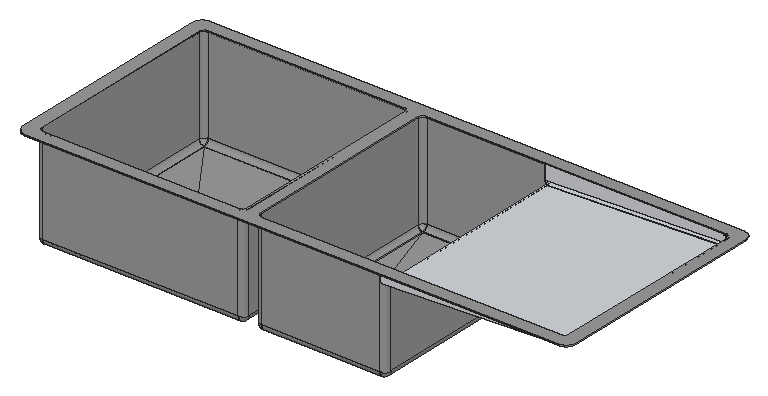
Revit family "BUILDMAT-SNA01018-Logan-1075-Drainboard-Stainless-Steel", category Plumbing Fixtures, host Face, Revit 2020
Family settings
  Host = Face
  Round Connector Dimension = Use Diameter
  Part Type = Normal
  Cut with Voids When Loaded = No
  Shared = No
  Room Calculation Point = No
Parameters (values of type "Logan 1075x450x205mm")
  Width 2 = 250.0 mm
  Width 1 = 400.0 mm
  Undermount [instance] = 20.0 mm
  URL = "https://www.buildmat.com.au/products/logan-1075x450-single-qtr-bowl-with-drain-board-sink"
  Sound Pad 2 = yes
  Sound Pad 1 = yes
  Model = "SNA01018"  # constant formula
  Manufacturer URL = "https://www.buildmat.com.au/"
  Manufacturer = "BUILDMAT"  # constant formula
  Length = 400.0 mm
  Gap = 25.0 mm
  Drainboard Length = 350.0 mm
  Drain Sound Pad 2 = yes
  Drain Sound Pad 1 = yes
  Description = "BUILDMAT - Logan 1075x450 Single & 1/4 Bowl with Drain Board Sink"  # constant formula
  Depth = 205.0 mm
  Default Elevation = 1200.0 mm
  D. S. Pad 2 = 180.0 mm
  D. S. Pad 1 = 230.0 mm
  D. Bracket 4 = 50.0 mm
  D. Bracket 3 = 100.0 mm
  D. Bracket 2 = 50.0 mm
  D. Bracket 1 = 100.0 mm
  Created By URL = "https://www.buildmat.com.au/"
  Created By = "BUILDMAT"  # constant formula
  Created = "22.06.2022"  # constant formula
  Bracket 4 = yes
  Bracket 3 = no
  Bracket 2 = yes
  Bracket 1 = yes
  Material = BUILDMAT Stainless Steel
Reference planes
  plane 1 "Center (Front/Back)": y = 0
  plane 2: z = 0
  plane 3 "Center (Left/Right)": x = 0
  plane 4: x = -12.5
  plane 5: x = 12.5
  plane 6: x = -412.5
  plane 7: x = 262.5
  plane 8: y = -200
  plane 9: y = 200
  plane 10: x = -437.5
  plane 11: y = -225
  plane 12: y = 225
  plane 13: x = 137.5
  plane 14: x = -212.5
  plane 15: y = 190
  plane 16: y = -190
  plane 17: x = -402.5
  plane 18: x = -22.5
  plane 19: x = 22.5
  plane 20: x = 252.5
  plane 21: y = 201.5
  plane 22: y = -201.5
  plane 23: x = -414
  plane 24: x = -11
  plane 25: x = 11
  plane 26: x = 264
  plane 27: x = -269.5
  plane 28: x = -155.5
  plane 29: x = -167.5
  plane 30: x = -257.5
  plane 31: x = 80.5
  plane 32: x = 92.5
  plane 33: x = 182.5
  plane 34: x = 194.5
  plane 35 "Sound Pad 1": x = -182.5
  plane 36 "Sound Pad 2": x = 82.5
  plane 37 "Top Substrate": z = -20
  plane 38: z = -18.5
  plane 39 "Bottom Void": z = -225
  plane 40: z = -215
  plane 41: z = -205
  plane 42: z = -220
  plane 43: z = -221.481
  plane 44: z = -216.5
  plane 45 "Sound Pad": z = -125
  plane 46 "Bracket 1": x = -312.5
  plane 47 "Bracket 2": x = -62.5
  plane 48 "Bracket 3": x = 112.5
  plane 49 "Bracket 4": x = 212.5
  plane 50: y = 100
  plane 51: y = -100
  plane 52: x = -312.5
  plane 53: x = -112.5
  plane 54: x = 37.5
  plane 55: x = 237.5
  plane 56: z = -185
  plane 57: z = -165
  plane 58 "Drainboard": x = 612.5
  plane 59: x = 637.5
  plane 60: x = 614
  plane 61: x = 602.5
  plane 62: z = -35
  plane 63: z = -50
  plane 64: x = 512.5
Forms (mm)
  Extrusion 1, void
    sketch origin (0, 0, 0) x (1, 0, 0) y (0, 1, 0)
      loop
        arc (-402.5, 200) -> (-409.571, 197.071) -> (-412.5, 190) r 10
        line (-412.5, 190) -> (-412.5, -190)
        arc (-412.5, -190) -> (-409.571, -197.071) -> (-402.5, -200) r 10
        line (-402.5, -200) -> (602.5, -200)
        arc (602.5, -200) -> (609.571, -197.071) -> (612.5, -190) r 10
        line (612.5, -190) -> (612.5, 190)
        arc (612.5, 190) -> (609.571, 197.071) -> (602.5, 200) r 10
        line (602.5, 200) -> (-402.5, 200)
    from 0 to -18.5
  Extrusion 2, void
    sketch origin (0, 0, 0) x (1, 0, 0) y (0, 1, 0)
      loop
        arc (-417.5, 225) -> (-431.642, 219.142) -> (-437.5, 205) r 20
        line (-437.5, 205) -> (-437.5, -205)
        arc (-437.5, -205) -> (-431.642, -219.142) -> (-417.5, -225) r 20
        line (-417.5, -225) -> (617.5, -225)
        arc (617.5, -225) -> (631.642, -219.142) -> (637.5, -205) r 20
        line (637.5, -205) -> (637.5, 205)
        arc (637.5, 205) -> (631.642, 219.142) -> (617.5, 225) r 20
        line (617.5, 225) -> (-417.5, 225)
    from -20 to -18.5
  Extrusion 3, void
    sketch origin (0, 0, 0) x (1, 0, 0) y (0, 1, 0)
      loop
        line (-414, 201.5) -> (-414, -201.5) -> (614, -201.5) -> (614, 201.5) -> (-414, 201.5)
    from -225 to -20
  Extrusion 4, solid, material "BUILDMAT Stainless Steel" <- "Material"
    sketch origin (0, 0, -20) x (-1, 0, 0) y (0, -1, 0)
      loop
        arc (417.5, -225) -> (431.642, -219.142) -> (437.5, -205) r 20
        line (437.5, -205) -> (437.5, 205)
        arc (437.5, 205) -> (431.642, 219.142) -> (417.5, 225) r 20
        line (417.5, 225) -> (-617.5, 225)
        arc (-617.5, 225) -> (-631.642, 219.142) -> (-637.5, 205) r 20
        line (-637.5, 205) -> (-637.5, -205)
        arc (-637.5, -205) -> (-631.642, -219.142) -> (-617.5, -225) r 20
        line (-617.5, -225) -> (417.5, -225)
      loop
        arc (402.5, -200) -> (409.571, -197.071) -> (412.5, -190) r 10
        line (412.5, -190) -> (412.5, 190)
        arc (412.5, 190) -> (409.571, 197.071) -> (402.5, 200) r 10
        line (402.5, 200) -> (22.5, 200)
        arc (22.5, 200) -> (15.429, 197.071) -> (12.5, 190) r 10
        line (12.5, 190) -> (12.5, -190)
        arc (12.5, -190) -> (15.429, -197.071) -> (22.5, -200) r 10
        line (22.5, -200) -> (402.5, -200)
      loop
        line (-12.5, -190) -> (-12.5, 190)
        arc (-12.5, 190) -> (-15.429, 197.071) -> (-22.5, 200) r 10
        line (-22.5, 200) -> (-602.5, 200)
        arc (-602.5, 200) -> (-609.571, 197.071) -> (-612.5, 190) r 10
        line (-612.5, 190) -> (-612.5, -190)
        arc (-612.5, -190) -> (-609.571, -197.071) -> (-602.5, -200) r 10
        line (-602.5, -200) -> (-22.5, -200)
        arc (-22.5, -200) -> (-15.429, -197.071) -> (-12.5, -190) r 10
    from 0 to 1.5
  Extrusion 5, solid, material "BUILDMAT Stainless Steel" <- "Material"
    sketch origin (0, 0, -20) x (-1, 0, 0) y (0, -1, 0)
      loop
        arc (402.5, -200) -> (409.571, -197.071) -> (412.5, -190) r 10
        line (412.5, -190) -> (412.5, 190)
        arc (412.5, 190) -> (409.571, 197.071) -> (402.5, 200) r 10
        line (402.5, 200) -> (22.5, 200)
        arc (22.5, 200) -> (15.429, 197.071) -> (12.5, 190) r 10
        line (12.5, 190) -> (12.5, -190)
        arc (12.5, -190) -> (15.429, -197.071) -> (22.5, -200) r 10
        line (22.5, -200) -> (402.5, -200)
      loop
        arc (402.5, -201.5) -> (410.632, -198.132) -> (414, -190) r 11.5
        line (414, -190) -> (414, 190)
        arc (414, 190) -> (410.632, 198.132) -> (402.5, 201.5) r 11.5
        line (402.5, 201.5) -> (22.5, 201.5)
        arc (22.5, 201.5) -> (14.368, 198.132) -> (11, 190) r 11.5
        line (11, 190) -> (11, -190)
        arc (11, -190) -> (14.368, -198.132) -> (22.5, -201.5) r 11.5
        line (22.5, -201.5) -> (402.5, -201.5)
    from 0 to -185
  Extrusion 6, solid, material "BUILDMAT Stainless Steel" <- "Material"
    sketch origin (0, 0, -20) x (-1, 0, 0) y (0, -1, 0)
      loop
        arc (-22.5, -200) -> (-15.429, -197.071) -> (-12.5, -190) r 10
        line (-12.5, -190) -> (-12.5, 190)
        arc (-12.5, 190) -> (-15.429, 197.071) -> (-22.5, 200) r 10
        line (-22.5, 200) -> (-252.5, 200)
        arc (-252.5, 200) -> (-259.571, 197.071) -> (-262.5, 190) r 10
        line (-262.5, 190) -> (-262.5, -190)
        arc (-262.5, -190) -> (-259.571, -197.071) -> (-252.5, -200) r 10
        line (-252.5, -200) -> (-22.5, -200)
      loop
        line (-11, -190) -> (-11, 190)
        arc (-11, 190) -> (-14.368, 198.132) -> (-22.5, 201.5) r 11.5
        line (-22.5, 201.5) -> (-252.5, 201.5)
        arc (-252.5, 201.5) -> (-260.632, 198.132) -> (-264, 190) r 11.5
        line (-264, 190) -> (-264, -190)
        arc (-264, -190) -> (-260.632, -198.132) -> (-252.5, -201.5) r 11.5
        line (-252.5, -201.5) -> (-22.5, -201.5)
        arc (-22.5, -201.5) -> (-14.368, -198.132) -> (-11, -190) r 11.5
    from 0 to -185
  Extrusion 7, solid, material "BUILDMAT Stainless Steel" <- "Material"
    sketch origin (0, 0, 0) x (1, 0, 0) y (0, 0, 1)
      loop
        line (-412.5, -205) -> (-414, -205)
        arc (-414, -205) -> (-410.632, -213.132) -> (-402.5, -216.5) r 11.5
        line (-402.5, -216.5) -> (-402.5, -215)
        arc (-402.5, -215) -> (-409.571, -212.071) -> (-412.5, -205) r 10
    from -190 to 190
  Extrusion 8, solid, material "BUILDMAT Stainless Steel" <- "Material"
    sketch origin (0, 0, 0) x (1, 0, 0) y (0, 0, 1)
      loop
        arc (-12.5, -205) -> (-15.429, -212.071) -> (-22.5, -215) r 10
        line (-22.5, -215) -> (-22.5, -216.5)
        arc (-22.5, -216.5) -> (-14.368, -213.132) -> (-11, -205) r 11.5
        line (-11, -205) -> (-12.5, -205)
    from -190 to 190
  Extrusion 9, solid, material "BUILDMAT Stainless Steel" <- "Material"
    sketch origin (0, 0, 0) x (1, 0, 0) y (0, 0, 1)
      loop
        line (12.5, -205) -> (11, -205)
        arc (11, -205) -> (14.368, -213.132) -> (22.5, -216.5) r 11.5
        line (22.5, -216.5) -> (22.5, -215)
        arc (22.5, -215) -> (15.429, -212.071) -> (12.5, -205) r 10
    from -190 to 190
  Extrusion 10, solid, material "BUILDMAT Stainless Steel" <- "Material"
    sketch origin (0, 0, 0) x (1, 0, 0) y (0, 0, 1)
      loop
        arc (262.5, -205) -> (259.571, -212.071) -> (252.5, -215) r 10
        line (252.5, -215) -> (252.5, -216.5)
        arc (252.5, -216.5) -> (260.632, -213.132) -> (264, -205) r 11.5
        line (264, -205) -> (262.5, -205)
    from -190 to 190
  Extrusion 11, solid, material "BUILDMAT Stainless Steel" <- "Material"
    sketch origin (0, 0, 0) x (0, 1, 0) y (0, 0, 1)
      loop
        line (201.5, -205) -> (200, -205)
        arc (200, -205) -> (197.071, -212.071) -> (190, -215) r 10
        line (190, -215) -> (190, -216.5)
        arc (190, -216.5) -> (198.132, -213.132) -> (201.5, -205) r 11.5
    from 22.5 to 252.5
  Extrusion 12, solid, material "BUILDMAT Stainless Steel" <- "Material"
    sketch origin (0, 0, 0) x (0, 1, 0) y (0, 0, 1)
      loop
        line (-200, -205) -> (-201.5, -205)
        arc (-201.5, -205) -> (-198.132, -213.132) -> (-190, -216.5) r 11.5
        line (-190, -216.5) -> (-190, -215)
        arc (-190, -215) -> (-197.071, -212.071) -> (-200, -205) r 10
    from 22.5 to 252.5
  Extrusion 13, solid, material "BUILDMAT Stainless Steel" <- "Material"
    sketch origin (0, 0, 0) x (0, 1, 0) y (0, 0, 1)
      loop
        arc (200, -205) -> (197.071, -212.071) -> (190, -215) r 10
        line (190, -215) -> (190, -216.5)
        arc (190, -216.5) -> (198.132, -213.132) -> (201.5, -205) r 11.5
        line (201.5, -205) -> (200, -205)
    from -402.5 to -22.5
  Extrusion 14, solid, material "BUILDMAT Stainless Steel" <- "Material"
    sketch origin (0, 0, 0) x (0, 1, 0) y (0, 0, 1)
      loop
        line (-200, -205) -> (-201.5, -205)
        arc (-201.5, -205) -> (-198.132, -213.132) -> (-190, -216.5) r 11.5
        line (-190, -216.5) -> (-190, -215)
        arc (-190, -215) -> (-197.071, -212.071) -> (-200, -205) r 10
    from -402.5 to -22.5
  Revolve 15, solid, material "BUILDMAT Stainless Steel" <- "Material"
    sketch origin (-423.435, 190, 4000) x (-1, 0, 0) y (0, 0, 1)
      loop
        arc (-10.935, -4205) -> (-13.864, -4212.071) -> (-20.935, -4215) r 10
        line (-20.935, -4215) -> (-20.935, -4216.5)
        arc (-20.935, -4216.5) -> (-12.804, -4213.132) -> (-9.435, -4205) r 11.5
        line (-9.435, -4205) -> (-10.935, -4205)
      axis (-20.935, -4205) -> (-20.935, -4216.5)
    angle from -90 to 0
  Revolve 16, solid, material "BUILDMAT Stainless Steel" <- "Material"
    sketch origin (-423.435, 190, 4000) x (-1, 0, 0) y (0, 0, 1)
      loop
        line (-410.935, -4205) -> (-412.435, -4205)
        arc (-412.435, -4205) -> (-409.067, -4213.132) -> (-400.935, -4216.5) r 11.5
        line (-400.935, -4216.5) -> (-400.935, -4215)
        arc (-400.935, -4215) -> (-408.006, -4212.071) -> (-410.935, -4205) r 10
      axis (-400.935, -4205) -> (-400.935, -4216.5)
    angle from -90 to 0
  Revolve 17, solid, material "BUILDMAT Stainless Steel" <- "Material"
    sketch origin (-423.435, 190, 4000) x (-1, 0, 0) y (0, 0, 1)
      loop
        arc (-435.935, -4205) -> (-438.864, -4212.071) -> (-445.935, -4215) r 10
        line (-445.935, -4215) -> (-445.935, -4216.5)
        arc (-445.935, -4216.5) -> (-437.804, -4213.132) -> (-434.435, -4205) r 11.5
        line (-434.435, -4205) -> (-435.935, -4205)
      axis (-445.935, -4205) -> (-445.935, -4216.5)
    angle from -90 to 0
  Revolve 18, solid, material "BUILDMAT Stainless Steel" <- "Material"
    sketch origin (-423.435, 190, 4000) x (-1, 0, 0) y (0, 0, 1)
      loop
        line (-685.935, -4205) -> (-687.435, -4205)
        arc (-687.435, -4205) -> (-684.067, -4213.132) -> (-675.935, -4216.5) r 11.5
        line (-675.935, -4216.5) -> (-675.935, -4215)
        arc (-675.935, -4215) -> (-683.006, -4212.071) -> (-685.935, -4205) r 10
      axis (-675.935, -4205) -> (-675.935, -4216.5)
    angle from -90 to 0
  Revolve 19, solid, material "BUILDMAT Stainless Steel" <- "Material"
    sketch origin (-423.435, -190, 4000) x (-1, 0, 0) y (0, 0, 1)
      loop
        arc (-10.935, -4205) -> (-13.864, -4212.071) -> (-20.935, -4215) r 10
        line (-20.935, -4215) -> (-20.935, -4216.5)
        arc (-20.935, -4216.5) -> (-12.804, -4213.132) -> (-9.435, -4205) r 11.5
        line (-9.435, -4205) -> (-10.935, -4205)
      axis (-20.935, -4205) -> (-20.935, -4216.5)
    angle from 0 to 90
  Revolve 20, solid, material "BUILDMAT Stainless Steel" <- "Material"
    sketch origin (-423.435, -190, 4000) x (-1, 0, 0) y (0, 0, 1)
      loop
        arc (-412.435, -4205) -> (-409.067, -4213.132) -> (-400.935, -4216.5) r 11.5
        line (-400.935, -4216.5) -> (-400.935, -4215)
        arc (-400.935, -4215) -> (-408.006, -4212.071) -> (-410.935, -4205) r 10
        line (-410.935, -4205) -> (-412.435, -4205)
      axis (-400.935, -4205) -> (-400.935, -4216.5)
    angle from 0 to 90
  Revolve 21, solid, material "BUILDMAT Stainless Steel" <- "Material"
    sketch origin (-423.435, -190, 4000) x (-1, 0, 0) y (0, 0, 1)
      loop
        line (-434.435, -4205) -> (-435.935, -4205)
        arc (-435.935, -4205) -> (-438.864, -4212.071) -> (-445.935, -4215) r 10
        line (-445.935, -4215) -> (-445.935, -4216.5)
        arc (-445.935, -4216.5) -> (-437.804, -4213.132) -> (-434.435, -4205) r 11.5
      axis (-445.935, -4205) -> (-445.935, -4216.5)
    angle from 0 to 90
  Revolve 22, solid, material "BUILDMAT Stainless Steel" <- "Material"
    sketch origin (-423.435, -190, 4000) x (-1, 0, 0) y (0, 0, 1)
      loop
        arc (-687.435, -4205) -> (-684.067, -4213.132) -> (-675.935, -4216.5) r 11.5
        line (-675.935, -4216.5) -> (-675.935, -4215)
        arc (-675.935, -4215) -> (-683.006, -4212.071) -> (-685.935, -4205) r 10
        line (-685.935, -4205) -> (-687.435, -4205)
      axis (-675.935, -4205) -> (-675.935, -4216.5)
    angle from 0 to 90
  Extrusion 23, solid, material "BUILDMAT Stainless Steel" <- "Material"
    sketch origin (0, 0, -20) x (-1, 0, 0) y (0, -1, 0)
      loop
        line (22.5, -190) -> (402.5, -190) -> (402.5, 190) -> (22.5, 190) -> (22.5, -190)
    from -196.5 to -195
  Extrusion 24, solid, material "BUILDMAT Stainless Steel" <- "Material"
    sketch origin (0, 0, -20) x (-1, 0, 0) y (0, -1, 0)
      loop
        line (-22.5, -190) -> (-22.5, 190) -> (-252.5, 190) -> (-252.5, -190) -> (-22.5, -190)
    from -196.5 to -195
  Blend 25, solid, material "BUILDMAT Stainless Steel" <- "Material"
    base sketch origin (0, 0, -20) x (-1, 0, 0) y (0, -1, 0)
      loop
        circle (212.5, 0) r 57
    top sketch origin (0, 0, -20) x (-1, 0, 0) y (0, -1, 0)
      loop
        line (402.5, -190) -> (402.5, 190) -> (22.5, 190) -> (22.5, -190) -> (402.5, -190)
    from -201.481 to -196.5
  Blend 26, solid, material "BUILDMAT Stainless Steel" <- "Material"
    base sketch origin (0, 0, -20) x (-1, 0, 0) y (0, -1, 0)
      loop
        circle (-137.5, 0) r 57
    top sketch origin (0, 0, -20) x (-1, 0, 0) y (0, -1, 0)
      loop
        line (-22.5, -190) -> (-22.5, 190) -> (-252.5, 190) -> (-252.5, -190) -> (-22.5, -190)
    from -201.481 to -196.5
  Blend 27, void
    base sketch origin (0, 0, -20) x (-1, 0, 0) y (0, -1, 0)
      loop
        circle (212.5, 0) r 57
    top sketch origin (0, 0, -20) x (-1, 0, 0) y (0, -1, 0)
      loop
        line (402.5, -190) -> (402.5, 190) -> (22.5, 190) -> (22.5, -190) -> (402.5, -190)
    from -200 to -195
  Blend 28, void
    base sketch origin (0, 0, -20) x (-1, 0, 0) y (0, -1, 0)
      loop
        circle (-137.5, 0) r 57
    top sketch origin (0, 0, -20) x (-1, 0, 0) y (0, -1, 0)
      loop
        line (-22.5, -190) -> (-22.5, 190) -> (-252.5, 190) -> (-252.5, -190) -> (-22.5, -190)
    from -200 to -195
  Extrusion 29, void
    sketch origin (0, 0, -225) x (-1, 0, 0) y (0, -1, 0)
      loop
        circle (212.5, 0) r 57
    from 0 to 5
  Extrusion 30, void
    sketch origin (0, 0, -225) x (-1, 0, 0) y (0, -1, 0)
      loop
        circle (-137.5, 0) r 57
    from 0 to 5
  Revolve 31, solid, material "BUILDMAT Stainless Steel" <- "Material"
    sketch origin (0, 0, 0) x (1, 0, 0) y (0, 0, 1)
      loop
        spline (-269.5, -220) -> (-269.397, -220.653) -> (-269.091, -221.294) -> (-268.587, -221.913) -> (-267.892, -222.5) -> (-267.02, -223.044) -> (-265.985, -223.536) -> (-264.805, -223.967) -> (-263.5, -224.33) -> (-262.092, -224.619) -> (-260.606, -224.83) -> (-259.066, -224.957) -> (-257.5, -225)
        line (-257.5, -225) -> (-257.5, -223.5)
        spline (-257.5, -223.5) -> (-258.871, -223.47) -> (-260.218, -223.381) -> (-261.518, -223.234) -> (-262.75, -223.031) -> (-263.892, -222.777) -> (-264.925, -222.475) -> (-265.83, -222.131) -> (-266.593, -221.75) -> (-267.201, -221.339) -> (-267.642, -220.906) -> (-267.91, -220.457) -> (-268, -220)
        line (-268, -220) -> (-269.5, -220)
      axis (-212.5, -225) -> (-212.5, -220)
    angle from 0 to 360
  Revolve 32, solid, material "BUILDMAT Stainless Steel" <- "Material"
    sketch origin (0, 0, 0) x (1, 0, 0) y (0, 0, 1)
      loop
        line (194.5, -220) -> (193, -220)
        spline (193, -220) -> (192.91, -220.457) -> (192.642, -220.906) -> (192.201, -221.339) -> (191.593, -221.75) -> (190.83, -222.131) -> (189.925, -222.475) -> (188.892, -222.777) -> (187.75, -223.031) -> (186.518, -223.234) -> (185.218, -223.381) -> (183.871, -223.47) -> (182.5, -223.5)
        line (182.5, -223.5) -> (182.5, -225)
        spline (182.5, -225) -> (184.066, -224.957) -> (185.606, -224.83) -> (187.092, -224.619) -> (188.5, -224.33) -> (189.805, -223.967) -> (190.985, -223.536) -> (192.02, -223.044) -> (192.892, -222.5) -> (193.587, -221.913) -> (194.091, -221.294) -> (194.397, -220.653) -> (194.5, -220)
      axis (137.5, -220) -> (137.5, -225)
    angle from 0 to 360
  Extrusion 33, solid
    sketch origin (0, 0, 0) x (1, 0, 0) y (0, 0, 1)
      loop
        line (252.5, -50) -> (614, -35) -> (614, -20) -> (612.5, -20) -> (612.5, -33.561) -> (252.5, -48.499) -> (252.5, -50)
    from -190 to 190
  Revolve 34, solid
    sketch origin (-423.435, 190, 4000) x (-1, 0, 0) y (0, 0, 1)
      loop
        line (-1037.435, -4035) -> (-1025.935, -4035.477) -> (-1025.935, -4033.976) -> (-1035.935, -4033.561) -> (-1035.935, -4020) -> (-1037.435, -4020) -> (-1037.435, -4035)
      axis (-1025.935, -4035.477) -> (-1025.935, -4020)
    angle from -90 to 0
  Revolve 35, solid
    sketch origin (-423.435, -190, 4000) x (-1, 0, 0) y (0, 0, 1)
      loop
        line (-1037.435, -4035) -> (-1025.935, -4035.477) -> (-1025.935, -4033.976) -> (-1035.935, -4033.561) -> (-1035.935, -4020) -> (-1037.435, -4020) -> (-1037.435, -4035)
      axis (-1025.935, -4035.477) -> (-1025.935, -4020)
    angle from 0 to 90
  SweptBlend 36, solid
    path origin (0, 0, -20) x (-1, 0, 0) y (0, -1, 0)
      loop
        line (-252.5, -200) -> (-602.5, -200)
    profile origin (252.5, 200, -20) x (0, 1, 0) y (0, 0, 1)
      loop
        line (0, -28.084) -> (-10, -28.499) -> (-10, -30) -> (1.5, -29.523) -> (1.5, 0) -> (0, 0) -> (0, -28.084)
    end profile origin (602.5, 200, -20) x (0, 1, 0) y (0, 0, 1)
      loop
        line (0, -13.561) -> (-10, -13.976) -> (-10, -15.477) -> (1.5, -15) -> (1.5, 0) -> (0, 0) -> (0, -13.561)
  Extrusion 37, void
    sketch origin (0, 0, -20) x (-1, 0, 0) y (0, -1, 0)
      loop
        arc (-262.5, -190) -> (-259.571, -197.071) -> (-252.5, -200) r 10
        line (-252.5, -200) -> (-252.5, 200)
        arc (-252.5, 200) -> (-259.571, 197.071) -> (-262.5, 190) r 10
        line (-262.5, 190) -> (-262.5, -190)
    from -30 to 0
  SweptBlend 38, solid
    path origin (0, 0, -20) x (-1, 0, 0) y (0, -1, 0)
      loop
        line (-252.5, 190) -> (-602.5, 190)
    profile origin (252.5, -190, -20) x (0, 1, 0) y (0, 0, 1)
      loop
        line (-11.5, -29.523) -> (0, -30) -> (0, -28.499) -> (-10, -28.084) -> (-10, 0) -> (-11.5, 0) -> (-11.5, -29.523)
    end profile origin (602.5, -190, -20) x (0, 1, 0) y (0, 0, 1)
      loop
        line (0, -15.477) -> (0, -13.976) -> (-10, -13.561) -> (-10, 0) -> (-11.5, 0) -> (-11.5, -15) -> (0, -15.477)
  SweptBlend 39, void
    path origin (0, 0, -20) x (-1, 0, 0) y (0, -1, 0)
      loop
        line (-252.5, 0) -> (-602.5, 0)
    profile origin (252.5, 0, -20) x (0, 1, 0) y (0, 0, 1)
      loop
        line (-190, -30) -> (190, -30) -> (201.5, -29.523) -> (201.5, 0) -> (-201.5, 0) -> (-201.5, -29.523) -> (-190, -30)
    end profile origin (602.5, 0, -20) x (0, 1, 0) y (0, 0, 1)
      loop
        line (201.5, 0) -> (-201.5, 0) -> (-201.5, -15) -> (201.5, -15) -> (201.5, 0)
Cuts and joins
  Blend 27, Extrusion 29 cuts Extrusion 23
  Blend 27, Extrusion 29 cuts Blend 25
  joined: Extrusion 23, Blend 25
  Blend 28, Extrusion 30 cuts Extrusion 24
  Blend 28, Extrusion 30 cuts Blend 26
  joined: Extrusion 24, Blend 26
  Extrusion 37 cuts Extrusion 33
  Extrusion 37 cuts SweptBlend 36
  Extrusion 37 cuts SweptBlend 38
  SweptBlend 39 cuts Extrusion 4
  SweptBlend 39 cuts Extrusion 6
  SweptBlend 39 cuts Revolve 34
  SweptBlend 39 cuts Revolve 35
Lines and regions (mm)
  Masking region 1
    outline origin (0, 0, 0) x (1, 0, 0) y (0, 0, 1)
      loop
        line (-412.5, -20) -> (-412.5, -205)
        arc (-412.5, -205) -> (-409.571, -212.071) -> (-402.5, -215) r 10
        line (-402.5, -215) -> (-269.5, -220) -> (-155.5, -220) -> (-22.5, -215)
        arc (-22.5, -215) -> (-15.429, -212.071) -> (-12.5, -205) r 10
        line (-12.5, -205) -> (-12.5, -20) -> (-412.5, -20)
  Masking region 2
    outline origin (0, 0, 0) x (1, 0, 0) y (0, 0, 1)
      loop
        line (12.5, -20) -> (12.5, -205)
        arc (12.5, -205) -> (14.848, -211.438) -> (20.789, -214.852) r 10
        line (20.789, -214.852) -> (80.5, -220) -> (194.5, -220) -> (252.5, -215)
        arc (252.5, -215) -> (259.571, -212.071) -> (262.5, -205) r 10
        line (262.5, -205) -> (262.5, -20) -> (12.5, -20)
  Masking region 3, visible <- "Drain Sound Pad 1"
    outline origin (0, 0, 0) x (1, 0, 0) y (0, 0, 1)
      loop
        line (-269.5, -221.481) -> (-312.5, -219.871) -> (-312.5, -225) -> (-269.5, -225) -> (-269.5, -221.481)
  Masking region 4, visible <- "Drain Sound Pad 1"
    outline origin (0, 0, 0) x (1, 0, 0) y (0, 0, 1)
      loop
        line (-155.5, -221.481) -> (-155.5, -225) -> (-112.5, -225) -> (-112.5, -219.871) -> (-155.5, -221.481)
  Masking region 5, visible <- "Drain Sound Pad 2"
    outline origin (0, 0, 0) x (1, 0, 0) y (0, 0, 1)
      loop
        line (37.5, -217.788) -> (37.5, -225) -> (80.5, -225) -> (80.5, -221.481) -> (37.5, -217.788)
  Masking region 6, visible <- "Drain Sound Pad 2"
    outline origin (0, 0, 0) x (1, 0, 0) y (0, 0, 1)
      loop
        line (237.5, -217.788) -> (194.5, -221.481) -> (194.5, -225) -> (237.5, -225) -> (237.5, -217.788)
  Masking region 7
    outline origin (0, 0, 0) x (1, 0, 0) y (0, 0, 1)
      loop
        line (-11, -165) -> (-11, -185) -> (11, -185) -> (11, -165) -> (-11, -165)
  Masking region 8
    outline origin (-423.435, -190, 4000) x (-1, 0, 0) y (0, 0, 1)
      loop
        line (-1048.435, -4020) -> (-1049.935, -4020) -> (-1049.935, -4035) -> (-1048.435, -4035) -> (-1048.435, -4020)
  Masking region 9
    outline origin (-423.435, -190, 4000) x (-1, 0, 0) y (0, 0, 1)
      loop
        line (-687.435, -4097.929) -> (-687.435, -4055.503) -> (-693.674, -4049.264) -> (-737.937, -4047.427) -> (-687.435, -4097.929)
  Masking region 10
    outline origin (0, 0, -20) x (-1, 0, 0) y (0, -1, 0)
      loop
        arc (-252.5, -200) -> (-259.571, -197.071) -> (-262.5, -190) r 10
        line (-262.5, -190) -> (-262.5, 190)
        arc (-262.5, 190) -> (-259.571, 197.071) -> (-252.5, 200) r 10
        line (-252.5, 200) -> (-602.5, 200)
        arc (-602.5, 200) -> (-609.571, 197.071) -> (-612.5, 190) r 10
        line (-612.5, 190) -> (-612.5, -190)
        arc (-612.5, -190) -> (-609.571, -197.071) -> (-602.5, -200) r 10
        line (-602.5, -200) -> (-252.5, -200)
Text (mm)
  text "Refer to www.buildmat.com.au for the most current product literature. \nAllow a +/- 5mm tolerance for dimensions shown in the product literature. \nPlease note product details are subject to change due to ongoing product development." at (0.056, -1035.857, 0), in view "Ref. Level"
Dimensions and locks
  equal spacing: plane 4, plane 3 "Center (Left/Right)", plane 5
  "Gap": plane 4 to plane 5
  "Width 1": plane 6 to plane 4
  "Width 2": plane 5 to plane 7
  equal spacing: plane 9, plane 1 "Center (Front/Back)", plane 8
  "Length": plane 8 to plane 9
  locked: plane 10 to plane 6 at 25
  locked: plane 12 to plane 9 at 25
  locked: plane 8 to plane 11 at 25
  equal spacing: plane 5, plane 13, plane 7
  equal spacing: plane 6, plane 14, plane 4
  locked: plane 9 to plane 15 at 10
  locked: plane 16 to plane 8 at 10
  locked: plane 6 to plane 17 at 10
  locked: plane 18 to plane 4 at 10
  locked: plane 5 to plane 19 at 10
  locked: plane 20 to plane 7 at 10
  locked: plane 8 to plane 22 at 1.5
  locked: plane 21 to plane 9 at 1.5
  locked: plane 23 to plane 6 at 1.5
  locked: plane 4 to plane 24 at 1.5
  locked: plane 25 to plane 5 at 1.5
  locked: plane 7 to plane 26 at 1.5
  plane 27 to plane 14 to plane 28 = 57.0 mm locked, 57.0 mm locked
  plane 30 to plane 14 to plane 29 = 45.0 mm locked, 45.0 mm locked
  plane 31 to plane 13 to plane 34 = 57.0 mm locked, 57.0 mm locked
  plane 32 to plane 13 to plane 33 = 45.0 mm locked, 45.0 mm locked
  locked: plane 38 to plane 37 "Top Substrate" at 1.5
  plane 41 to plane 40 to plane 39 "Bottom Void" = 10.0 mm locked, 10.0 mm locked
  locked: plane 42 to plane 39 "Bottom Void" at 5
  locked: plane 42 to plane 43 at 1.481
  locked: plane 40 to plane 44 at 1.5
  locked: plane 45 "Sound Pad" to plane 39 "Bottom Void" at 100
  "Depth": plane 37 "Top Substrate" to plane 39 "Bottom Void"
  "Undermount": plane 2 to plane 37 "Top Substrate"
  "D. S. Pad 1": plane 35 "Sound Pad 1" to plane 6
  "D. S. Pad 2": plane 7 to plane 36 "Sound Pad 2"
  "D. Bracket 1": plane 46 "Bracket 1" to plane 6
  "D. Bracket 2": plane 4 to plane 47 "Bracket 2"
  "D. Bracket 3": plane 48 "Bracket 3" to plane 5
  "D. Bracket 4": plane 7 to plane 49 "Bracket 4"
  locked: plane 9 to plane 50 at 100
  locked: plane 51 to plane 8 at 100
  plane 53 to plane 14 to plane 52 = 100.0 mm locked, 100.0 mm locked
  plane 55 to plane 13 to plane 54 = 100.0 mm locked, 100.0 mm locked
  plane 57 to plane 56 to plane 41 = 20.0 mm locked, 20.0 mm locked
  "Drainboard Length": plane 7 to plane 58 "Drainboard"
  locked: plane 58 "Drainboard" to plane 59 at 25
  locked: plane 58 "Drainboard" to plane 60 at 1.5
  locked: plane 61 to plane 58 "Drainboard" at 10
  plane 37 "Top Substrate" to plane 62 to plane 63 = 15.0 mm locked, 15.0 mm locked
  locked: plane 64 to plane 58 "Drainboard" at 100
  aligned and locked: plane 2 to host face
  aligned and locked: level to host face
  aligned and locked: Extrusion 1 sketch curve to plane 9
  aligned and locked: Extrusion 1 sketch curve to plane 6
  aligned and locked: Extrusion 1 sketch curve to plane 8
  aligned and locked: Extrusion 1 to level
  aligned and locked: Extrusion 1 to plane 38
  aligned and locked: Extrusion 2 sketch curve to plane 12
  aligned and locked: Extrusion 2 sketch curve to plane 10
  aligned and locked: Extrusion 2 sketch curve to plane 11
  aligned and locked: Extrusion 2 to plane 37 "Top Substrate"
  aligned and locked: Extrusion 2 to plane 38
  aligned and locked: Extrusion 3 sketch curve to plane 21
  aligned and locked: Extrusion 3 sketch curve to plane 23
  aligned and locked: Extrusion 3 sketch curve to plane 22
  aligned and locked: Extrusion 3 to plane 39 "Bottom Void"
  aligned and locked: Extrusion 3 to plane 37 "Top Substrate"
  aligned and locked: Extrusion 4 sketch curve to plane 12
  aligned and locked: Extrusion 4 sketch curve to plane 10
  aligned and locked: Extrusion 4 sketch curve to plane 11
  aligned and locked: Extrusion 4 sketch curve to plane 9  (x2)
  aligned and locked: Extrusion 4 sketch curve to plane 6
  aligned and locked: Extrusion 4 sketch curve to plane 8  (x2)
  aligned and locked: Extrusion 4 sketch curve to plane 4
  aligned and locked: Extrusion 4 sketch curve to plane 5
  aligned and locked: Extrusion 4 to plane 37 "Top Substrate"
  aligned and locked: Extrusion 4 to plane 38
  aligned and locked: Extrusion 5 sketch curve to plane 9
  aligned and locked: Extrusion 5 sketch curve to plane 21
  aligned and locked: Extrusion 5 sketch curve to plane 6
  aligned and locked: Extrusion 5 sketch curve to plane 23
  aligned and locked: Extrusion 5 sketch curve to plane 24
  aligned and locked: Extrusion 5 sketch curve to plane 4
  aligned and locked: Extrusion 5 sketch curve to plane 22
  aligned and locked: Extrusion 5 sketch curve to plane 8
  aligned and locked: Extrusion 5 to plane 41
  aligned and locked: plane 37 "Top Substrate" to Extrusion 5
  aligned and locked: Extrusion 6 sketch curve to plane 9
  aligned and locked: Extrusion 6 sketch curve to plane 7
  aligned and locked: Extrusion 6 sketch curve to plane 8
  aligned and locked: Extrusion 6 sketch curve to plane 5
  aligned and locked: Extrusion 6 sketch curve to plane 25
  aligned and locked: Extrusion 6 sketch curve to plane 26
  aligned and locked: Extrusion 6 sketch curve to plane 21
  aligned and locked: Extrusion 6 sketch curve to plane 22
  aligned and locked: Extrusion 6 to plane 41
  aligned and locked: plane 37 "Top Substrate" to Extrusion 6
  aligned and locked: Extrusion 7 sketch curve to plane 41
  aligned and locked: Extrusion 7 sketch curve to plane 17
  aligned and locked: Extrusion 8 sketch curve to plane 41
  aligned and locked: Extrusion 8 sketch curve to plane 18
  aligned and locked: Extrusion 9 sketch curve to plane 41
  aligned and locked: Extrusion 9 sketch curve to plane 19
  aligned and locked: Extrusion 10 sketch curve to plane 20
  aligned and locked: Extrusion 10 sketch curve to plane 41
  aligned and locked: plane 15 to Extrusion 10
  aligned and locked: plane 15 to Extrusion 9
  aligned and locked: plane 15 to Extrusion 8
  aligned and locked: plane 15 to Extrusion 7
  aligned and locked: Extrusion 10 to plane 16
  aligned and locked: Extrusion 9 to plane 16
  aligned and locked: Extrusion 8 to plane 16
  aligned and locked: Extrusion 7 to plane 16
  aligned and locked: plane 41 to Extrusion 11 sketch curve
  aligned and locked: plane 15 to Extrusion 11 sketch curve
  aligned and locked: plane 16 to Extrusion 12 sketch curve
  aligned and locked: plane 41 to Extrusion 12 sketch curve
  aligned and locked: plane 20 to Extrusion 11
  aligned and locked: plane 20 to Extrusion 12
  aligned and locked: Extrusion 11 to plane 19
  aligned and locked: Extrusion 12 to plane 19
  aligned and locked: plane 15 to Extrusion 13 sketch curve
  aligned and locked: plane 41 to Extrusion 13 sketch curve
  aligned and locked: plane 16 to Extrusion 14 sketch curve
  aligned and locked: plane 41 to Extrusion 14 sketch curve
  aligned and locked: Extrusion 14 to plane 17
  aligned and locked: plane 18 to Extrusion 14
  aligned and locked: Extrusion 13 to plane 17
  aligned and locked: plane 18 to Extrusion 13
  aligned and locked: Revolve 15 sketch curve to plane 17
  aligned and locked: plane 41 to Revolve 15 sketch curve
  aligned and locked: plane 17 to Revolve 15 sketch curve
  aligned and locked: plane 17 to Revolve 15
  aligned and locked: plane 15 to Revolve 15
  aligned and locked: Revolve 16 sketch curve to plane 18
  aligned and locked: plane 18 to Revolve 16 sketch curve
  aligned and locked: plane 41 to Revolve 16 sketch curve
  aligned and locked: Revolve 16 to plane 18
  aligned and locked: plane 15 to Revolve 16
  aligned and locked: Revolve 17 sketch curve to plane 19
  aligned and locked: plane 41 to Revolve 17 sketch curve
  aligned and locked: plane 19 to Revolve 17 sketch curve
  aligned and locked: plane 19 to Revolve 17
  aligned and locked: plane 15 to Revolve 17
  aligned and locked: Revolve 18 sketch curve to plane 20
  aligned and locked: plane 20 to Revolve 18 sketch curve
  aligned and locked: plane 41 to Revolve 18 sketch curve
  aligned and locked: Revolve 18 to plane 20
  aligned and locked: plane 15 to Revolve 18
  aligned and locked: Revolve 19 sketch curve to plane 17
  aligned and locked: plane 41 to Revolve 19 sketch curve
  aligned and locked: plane 17 to Revolve 19 sketch curve
  aligned and locked: Revolve 19 to plane 17
  aligned and locked: plane 16 to Revolve 19
  aligned and locked: Revolve 20 sketch curve to plane 18
  aligned and locked: plane 41 to Revolve 20 sketch curve
  aligned and locked: plane 18 to Revolve 20 sketch curve
  aligned and locked: plane 18 to Revolve 20
  aligned and locked: plane 16 to Revolve 20
  aligned and locked: Revolve 21 sketch curve to plane 19
  aligned and locked: plane 41 to Revolve 21 sketch curve
  aligned and locked: plane 19 to Revolve 21 sketch curve
  aligned and locked: Revolve 21 to plane 19
  aligned and locked: plane 16 to Revolve 21
  aligned and locked: Revolve 22 sketch curve to plane 20
  aligned and locked: plane 41 to Revolve 22 sketch curve
  aligned and locked: plane 20 to Revolve 22 sketch curve
  aligned and locked: plane 16 to Revolve 22
  aligned and locked: plane 20 to Revolve 22
  aligned and locked: Extrusion 23 sketch curve to plane 18
  aligned and locked: Extrusion 23 sketch curve to plane 17
  aligned and locked: Extrusion 23 sketch curve to plane 15
  aligned and locked: Extrusion 23 sketch curve to plane 16
  aligned and locked: Extrusion 23 to plane 44
  aligned and locked: plane 40 to Extrusion 23
  aligned and locked: Extrusion 24 sketch curve to plane 15
  aligned and locked: Extrusion 24 sketch curve to plane 16
  aligned and locked: Extrusion 24 sketch curve to plane 20
  aligned and locked: Extrusion 24 sketch curve to plane 19
  aligned and locked: Extrusion 24 to plane 44
  aligned and locked: plane 40 to Extrusion 24
  aligned and locked: plane 43 to Blend 25
  aligned and locked: plane 44 to Blend 25
  aligned and locked: plane 43 to Blend 26
  aligned and locked: Blend 26 to plane 44
  aligned and locked: Blend 25 sketch curve to plane 15
  aligned and locked: Blend 25 sketch curve to plane 16
  aligned and locked: Blend 25 sketch curve to plane 17
  aligned and locked: Blend 25 sketch curve to plane 18
  aligned and locked: Blend 26 sketch curve to plane 15
  aligned and locked: Blend 26 sketch curve to plane 16
  aligned and locked: Blend 26 sketch curve to plane 20
  aligned and locked: Blend 26 sketch curve to plane 19
  aligned and locked: Blend 27 sketch curve to plane 15
  aligned and locked: Blend 27 sketch curve to plane 16
  aligned and locked: Blend 27 sketch curve to plane 17
  aligned and locked: Blend 27 sketch curve to plane 18
  aligned and locked: Blend 27 to plane 42
  aligned and locked: plane 40 to Blend 27
  aligned and locked: Blend 28 sketch curve to plane 15
  aligned and locked: Blend 28 sketch curve to plane 16
  aligned and locked: Blend 28 sketch curve to plane 20
  aligned and locked: Blend 28 sketch curve to plane 19
  aligned and locked: Blend 28 to plane 42
  aligned and locked: plane 40 to Blend 28
  aligned and locked: Extrusion 29 to plane 39 "Bottom Void"
  aligned and locked: plane 42 to Extrusion 29
  aligned and locked: Extrusion 30 to plane 39 "Bottom Void"
  aligned and locked: plane 42 to Extrusion 30
  aligned and locked: plane 14 to Revolve 31 sketch curve
  aligned and locked: Revolve 31 sketch curve to plane 42
  aligned and locked: plane 30 to Revolve 31 sketch curve
  aligned and locked: Revolve 32 sketch curve to plane 13
  aligned and locked: plane 33 to Revolve 32 sketch curve
  aligned and locked: plane 42 to Revolve 32 sketch curve
  aligned and locked: plane 17 to nested 1
  aligned and locked: plane 18 to nested 1
  aligned and locked: plane 16 to nested 1
  aligned and locked: plane 15 to nested 1
  aligned and locked: plane 19 to nested 2
  aligned and locked: plane 20 to nested 2
  aligned and locked: plane 16 to nested 2
  aligned and locked: plane 13 to nested 4
  aligned and locked: plane 14 to nested 3
  aligned and locked: plane 1 "Center (Front/Back)" to nested 3
  aligned and locked: plane 1 "Center (Front/Back)" to nested 4
  aligned and locked: plane 50 to nested 5
  aligned and locked: plane 23 to nested 5
  aligned and locked: plane 51 to nested 6
  aligned and locked: plane 23 to nested 6
  aligned and locked: nested 11 to plane 46 "Bracket 1"
  aligned and locked: nested 12 to plane 47 "Bracket 2"
  aligned and locked: plane 22 to nested 11
  aligned and locked: plane 22 to nested 12
  aligned and locked: nested 13 to plane 48 "Bracket 3"
  aligned and locked: plane 22 to nested 13
  aligned and locked: nested 14 to plane 49 "Bracket 4"
  aligned and locked: plane 22 to nested 14
  aligned and locked: plane 46 "Bracket 1" to nested 7
  aligned and locked: nested 7 to plane 21
  aligned and locked: plane 47 "Bracket 2" to nested 8
  aligned and locked: nested 8 to plane 21
  aligned and locked: plane 48 "Bracket 3" to nested 9
  aligned and locked: plane 49 "Bracket 4" to nested 10
  aligned and locked: nested 10 to plane 21
  aligned and locked: nested 9 to plane 21
  aligned and locked: Masking region 1 sketch curve to plane 37 "Top Substrate"
  aligned and locked: Masking region 1 sketch curve to plane 6
  aligned and locked: Masking region 1 sketch curve to plane 4
  aligned and locked: Masking region 1 sketch curve to Extrusion 7
  aligned and locked: Masking region 1 sketch curve to Extrusion 8
  aligned and locked: Masking region 1 sketch curve to plane 42
  aligned and locked: Masking region 1 sketch curve to cut or joined group of Extrusion 23, Blend 25, Blend 27, Extrusion 29  (x2)
  aligned and locked: Masking region 2 sketch curve to plane 37 "Top Substrate"
  aligned and locked: Masking region 2 sketch curve to plane 42
  aligned and locked: Masking region 2 sketch curve to plane 7
  aligned and locked: Masking region 2 sketch curve to plane 5
  aligned and locked: Masking region 2 sketch curve to Extrusion 9
  aligned and locked: Masking region 2 sketch curve to cut or joined group of Extrusion 24, Blend 26, Blend 28, Extrusion 30  (x2)
  aligned and locked: Masking region 2 sketch curve to Extrusion 10
  aligned and locked: nested 15 to plane 37 "Top Substrate"
  aligned and locked: plane 46 "Bracket 1" to nested 15
  aligned and locked: nested 16 to plane 37 "Top Substrate"
  aligned and locked: plane 47 "Bracket 2" to nested 16
  aligned and locked: nested 18 to plane 37 "Top Substrate"
  aligned and locked: plane 49 "Bracket 4" to nested 18
  aligned and locked: nested 17 to plane 37 "Top Substrate"
  aligned and locked: plane 48 "Bracket 3" to nested 17
  aligned and locked: nested 19 to plane 45 "Sound Pad"
  aligned and locked: plane 35 "Sound Pad 1" to nested 19
  aligned and locked: nested 20 to plane 45 "Sound Pad"
  aligned and locked: plane 36 "Sound Pad 2" to nested 20
  aligned and locked: Masking region 3 sketch curve to plane 27
  aligned and locked: cut or joined group of Extrusion 23, Blend 25, Blend 27, Extrusion 29 to Masking region 3 sketch curve
  aligned and locked: Masking region 3 sketch curve to plane 39 "Bottom Void"
  aligned and locked: Masking region 3 sketch curve to plane 52
  aligned and locked: Masking region 4 sketch curve to plane 28
  aligned and locked: Masking region 4 sketch curve to plane 53
  aligned and locked: Masking region 4 sketch curve to plane 39 "Bottom Void"
  aligned and locked: Masking region 4 sketch curve to cut or joined group of Extrusion 23, Blend 25, Blend 27, Extrusion 29
  aligned and locked: cut or joined group of Extrusion 24, Blend 26, Blend 28, Extrusion 30 to Masking region 5 sketch curve
  aligned and locked: Masking region 5 sketch curve to plane 54
  aligned and locked: Masking region 5 sketch curve to plane 31
  aligned and locked: Masking region 5 sketch curve to plane 39 "Bottom Void"
  aligned and locked: Masking region 6 sketch curve to plane 55
  aligned and locked: Masking region 6 sketch curve to plane 34
  aligned and locked: Masking region 6 sketch curve to cut or joined group of Extrusion 24, Blend 26, Blend 28, Extrusion 30
  aligned and locked: Masking region 6 sketch curve to plane 39 "Bottom Void"
  aligned and locked: Masking region 7 sketch curve to plane 57
  aligned and locked: Masking region 7 sketch curve to plane 56
  aligned and locked: Masking region 7 sketch curve to plane 24
  aligned and locked: Masking region 7 sketch curve to plane 25
  aligned and locked: Extrusion 4 sketch curve to plane 59
  aligned and locked: Extrusion 4 sketch curve to plane 58 "Drainboard"
  aligned and locked: Extrusion 2 sketch curve to plane 59
  aligned and locked: Extrusion 3 sketch curve to plane 60
  aligned and locked: Extrusion 1 sketch curve to plane 58 "Drainboard"
  aligned and locked: Extrusion 33 sketch curve to plane 20
  aligned and locked: Extrusion 33 sketch curve to plane 60
  aligned and locked: plane 37 "Top Substrate" to Extrusion 33 sketch curve
  aligned and locked: Extrusion 33 sketch curve to plane 58 "Drainboard"
  aligned and locked: plane 15 to Extrusion 33
  aligned and locked: Extrusion 33 to plane 16
  aligned and locked: plane 61 to Revolve 34 sketch curve  (x2)
  aligned and locked: plane 60 to Revolve 34 sketch curve
  aligned and locked: plane 58 "Drainboard" to Revolve 34 sketch curve
  aligned and locked: Revolve 34 sketch curve to Extrusion 33
  aligned and locked: Extrusion 33 to Revolve 34 sketch curve
  aligned and locked: plane 37 "Top Substrate" to Revolve 34 sketch curve
  aligned and locked: Revolve 34 to plane 61
  aligned and locked: plane 15 to Revolve 34
  aligned and locked: Revolve 35 sketch curve to plane 37 "Top Substrate"
  aligned and locked: plane 61 to Revolve 35 sketch curve  (x2)
  aligned and locked: plane 60 to Revolve 35 sketch curve
  aligned and locked: plane 58 "Drainboard" to Revolve 35 sketch curve
  aligned and locked: plane 37 "Top Substrate" to Revolve 35 sketch curve
  aligned and locked: Extrusion 33 to Revolve 35 sketch curve
  aligned and locked: Revolve 35 sketch curve to Extrusion 33
  aligned and locked: plane 16 to Revolve 35
  aligned and locked: plane 61 to Revolve 35
  aligned and locked: plane 20 to SweptBlend 36 sketch curve
  aligned and locked: plane 61 to SweptBlend 36 sketch curve
  aligned and locked: SweptBlend 36 sketch curve to plane 9
  aligned and locked: plane 9 to SweptBlend 36 sketch curve  (x2)
  aligned and locked: plane 21 to SweptBlend 36 sketch curve  (x2)
  aligned and locked: plane 37 "Top Substrate" to SweptBlend 36 sketch curve  (x2)
  aligned and locked: plane 15 to SweptBlend 36 sketch curve  (x2)
  aligned and locked: Extrusion 37 sketch curve to plane 20
  aligned and locked: Extrusion 37 sketch curve to Extrusion 6  (x2)
  aligned and locked: plane 63 to Extrusion 37
  aligned and locked: plane 37 "Top Substrate" to Extrusion 37
  aligned and locked: plane 20 to SweptBlend 38 sketch curve
  aligned and locked: plane 61 to SweptBlend 38 sketch curve
  aligned and locked: SweptBlend 38 sketch curve to plane 16
  aligned and locked: plane 16 to SweptBlend 38 sketch curve  (x2)
  aligned and locked: plane 22 to SweptBlend 38 sketch curve  (x2)
  aligned and locked: plane 8 to SweptBlend 38 sketch curve  (x2)
  aligned and locked: plane 37 "Top Substrate" to SweptBlend 38 sketch curve  (x2)
  aligned and locked: plane 20 to SweptBlend 39 sketch curve
  aligned and locked: plane 1 "Center (Front/Back)" to SweptBlend 39 sketch curve
  aligned and locked: plane 61 to SweptBlend 39 sketch curve
  aligned and locked: plane 63 to SweptBlend 39 sketch curve
  aligned and locked: plane 37 "Top Substrate" to SweptBlend 39 sketch curve
  aligned and locked: plane 21 to SweptBlend 39 sketch curve
  aligned and locked: plane 22 to SweptBlend 39 sketch curve  (x2)
  aligned and locked: SweptBlend 39 sketch curve to plane 21
  aligned and locked: SweptBlend 39 sketch curve to plane 37 "Top Substrate"
  aligned and locked: SweptBlend 39 sketch curve to plane 62
  aligned and locked: nested 21 to plane 21
  aligned and locked: plane 64 to nested 21
  aligned and locked: plane 22 to nested 24
  aligned and locked: nested 24 to plane 64
  aligned and locked: plane 51 to nested 23
  aligned and locked: plane 60 to nested 23
  aligned and locked: plane 50 to nested 22
  aligned and locked: plane 60 to nested 22
  aligned and locked: Masking region 10 sketch curve to plane 9
  aligned and locked: Masking region 10 sketch curve to plane 8
  aligned and locked: Masking region 10 sketch curve to plane 58 "Drainboard"
  aligned and locked: Masking region 10 sketch curve to plane 7
Automatic sketch dimensions
  host sketch curve to host sketch curve = 2438.4 mm  (x2)
  Extrusion 5 sketch curve to plane 18 = 0.0 mm
  Extrusion 5 sketch curve to plane 17 = 0.0 mm  (x2)
  Extrusion 5 sketch curve to plane 16 = 0.0 mm
  Extrusion 5 sketch curve to Extrusion 5 sketch curve = 0.0 mm  (x4)
  Extrusion 6 sketch curve to plane 20 = 0.0 mm
  Extrusion 6 sketch curve to plane 19 = 0.0 mm  (x2)
  Extrusion 6 sketch curve to plane 15 = 0.0 mm
  Extrusion 6 sketch curve to Extrusion 6 sketch curve = 0.0 mm  (x4)
  Extrusion 7 sketch curve to plane 6 = 0.0 mm
  Extrusion 7 sketch curve to plane 44 = 0.0 mm
  Extrusion 8 sketch curve to plane 4 = 0.0 mm
  Extrusion 8 sketch curve to plane 44 = 0.0 mm
  Extrusion 9 sketch curve to plane 5 = 0.0 mm
  Extrusion 9 sketch curve to plane 44 = 0.0 mm
  Extrusion 10 sketch curve to plane 7 = 0.0 mm
  Extrusion 10 sketch curve to plane 44 = 0.0 mm
  Extrusion 11 sketch curve to plane 9 = 0.0 mm
  Extrusion 11 sketch curve to plane 44 = 0.0 mm
  Extrusion 12 sketch curve to plane 8 = 0.0 mm
  Extrusion 12 sketch curve to plane 44 = 0.0 mm
  Extrusion 13 sketch curve to plane 9 = 0.0 mm
  Extrusion 13 sketch curve to plane 44 = 0.0 mm
  Extrusion 14 sketch curve to plane 8 = 0.0 mm
  Extrusion 14 sketch curve to plane 44 = 0.0 mm
  Revolve 15 sketch curve to plane 6 = 0.0 mm
  Revolve 15 sketch curve to plane 44 = 0.0 mm  (x2)
  Revolve 15 sketch curve to plane 41 = 0.0 mm
  Revolve 16 sketch curve to plane 4 = 0.0 mm
  Revolve 16 sketch curve to plane 44 = 0.0 mm  (x2)
  Revolve 16 sketch curve to plane 41 = 0.0 mm
  Revolve 17 sketch curve to plane 5 = 0.0 mm
  Revolve 17 sketch curve to plane 44 = 0.0 mm  (x2)
  Revolve 17 sketch curve to plane 41 = 0.0 mm
  Revolve 18 sketch curve to plane 7 = 0.0 mm
  Revolve 18 sketch curve to plane 44 = 0.0 mm  (x2)
  Revolve 18 sketch curve to plane 41 = 0.0 mm
  Revolve 19 sketch curve to plane 6 = 0.0 mm
  Revolve 19 sketch curve to plane 44 = 0.0 mm  (x2)
  Revolve 19 sketch curve to plane 41 = 0.0 mm
  Revolve 20 sketch curve to plane 4 = 0.0 mm
  Revolve 20 sketch curve to plane 44 = 0.0 mm  (x2)
  Revolve 20 sketch curve to plane 41 = 0.0 mm
  Revolve 21 sketch curve to plane 5 = 0.0 mm
  Revolve 21 sketch curve to plane 44 = 0.0 mm  (x2)
  Revolve 21 sketch curve to plane 41 = 0.0 mm
  Revolve 22 sketch curve to plane 7 = 0.0 mm
  Revolve 22 sketch curve to plane 44 = 0.0 mm  (x2)
  Revolve 22 sketch curve to plane 41 = 0.0 mm
  plane 1 "Center (Front/Back)" to Blend 25 sketch curve = 0.0 mm
  Blend 25 sketch curve to plane 14 = 0.0 mm
  plane 1 "Center (Front/Back)" to Blend 26 sketch curve = 0.0 mm
  Blend 26 sketch curve to plane 13 = 0.0 mm
  plane 1 "Center (Front/Back)" to Blend 27 sketch curve = 0.0 mm
  Blend 27 sketch curve to plane 14 = 0.0 mm
  plane 1 "Center (Front/Back)" to Blend 28 sketch curve = 0.0 mm
  Blend 28 sketch curve to plane 13 = 0.0 mm
  plane 1 "Center (Front/Back)" to Extrusion 29 sketch curve = 0.0 mm
  Extrusion 29 sketch curve to plane 14 = 0.0 mm
  plane 1 "Center (Front/Back)" to Extrusion 30 sketch curve = 0.0 mm
  Extrusion 30 sketch curve to plane 13 = 0.0 mm
  Revolve 31 sketch curve to plane 27 = 0.0 mm
  Revolve 31 sketch curve to plane 39 "Bottom Void" = 0.0 mm
  Revolve 31 sketch curve to plane 41 = 0.0 mm
  plane 27 to Revolve 31 sketch curve = 1.5 mm
  Revolve 31 sketch curve to Revolve 31 sketch curve = 1.5 mm
  plane 39 "Bottom Void" to Revolve 31 sketch curve = 0.0 mm
  Revolve 32 sketch curve to plane 34 = 0.0 mm
  Revolve 32 sketch curve to plane 39 "Bottom Void" = 0.0 mm
  Revolve 32 sketch curve to plane 41 = 0.0 mm
  Revolve 32 sketch curve to Revolve 32 sketch curve = 1.5 mm  (x2)
  plane 39 "Bottom Void" to Revolve 32 sketch curve = 0.0 mm
  Extrusion 4 sketch curve to plane 16 = 0.0 mm
  Extrusion 4 sketch curve to plane 15 = 0.0 mm  (x3)
  Extrusion 4 sketch curve to plane 19 = 0.0 mm
  Extrusion 4 sketch curve to plane 18 = 0.0 mm  (x2)
  Extrusion 4 sketch curve to plane 17 = 0.0 mm
  plane 58 "Drainboard" to Extrusion 4 sketch curve = 5.0 mm
  Extrusion 4 sketch curve to plane 22 = 3.5 mm  (x2)
  plane 21 to Extrusion 4 sketch curve = 3.5 mm
  Extrusion 2 sketch curve to plane 23 = 3.5 mm
  plane 21 to Extrusion 2 sketch curve = 3.5 mm
  plane 58 "Drainboard" to Extrusion 2 sketch curve = 5.0 mm
  Extrusion 2 sketch curve to plane 22 = 3.5 mm
  Extrusion 1 sketch curve to plane 17 = 0.0 mm  (x2)
  Extrusion 1 sketch curve to plane 61 = 0.0 mm  (x2)
  Extrusion 33 sketch curve to plane 63 = 0.0 mm
  Extrusion 33 sketch curve to plane 62 = 0.0 mm
  Extrusion 33 sketch curve to plane 63 = 1.501 mm
  Extrusion 33 sketch curve to plane 62 = 1.439 mm
  Revolve 34 sketch curve to plane 63 = 0.0 mm
  Revolve 34 sketch curve to plane 38 = 1.5 mm
  Revolve 35 sketch curve to plane 63 = 0.0 mm
  SweptBlend 36 sketch curve to plane 37 "Top Substrate" = 28.084 mm
  SweptBlend 36 sketch curve to SweptBlend 36 sketch curve = 0.415 mm
  SweptBlend 36 sketch curve to SweptBlend 36 sketch curve = 1.501 mm  (x2)
  SweptBlend 36 sketch curve to SweptBlend 36 sketch curve = 1.439 mm  (x2)
  SweptBlend 36 sketch curve to plane 37 "Top Substrate" = 15.477 mm
  SweptBlend 36 sketch curve to SweptBlend 36 sketch curve = 0.477 mm
  SweptBlend 38 sketch curve to plane 37 "Top Substrate" = 13.976 mm
  SweptBlend 38 sketch curve to SweptBlend 38 sketch curve = 0.477 mm
  SweptBlend 38 sketch curve to SweptBlend 38 sketch curve = 1.501 mm  (x2)
  SweptBlend 38 sketch curve to SweptBlend 38 sketch curve = 1.439 mm  (x2)
  SweptBlend 38 sketch curve to plane 37 "Top Substrate" = 28.499 mm
  SweptBlend 38 sketch curve to SweptBlend 38 sketch curve = 0.415 mm
  SweptBlend 39 sketch curve to SweptBlend 39 sketch curve = 11.5 mm  (x2)
  SweptBlend 39 sketch curve to SweptBlend 39 sketch curve = 0.477 mm  (x2)
  Masking region 8 sketch curve to plane 37 "Top Substrate" = 0.0 mm
  Masking region 8 sketch curve to plane 62 = 0.0 mm
  plane 59 to Masking region 8 sketch curve = 11.0 mm
  Masking region 8 sketch curve to Masking region 8 sketch curve = 1.5 mm
  plane 45 "Sound Pad" to Masking region 9 sketch curve = 77.573 mm
  plane 26 to Masking region 9 sketch curve = 50.502 mm
  plane 45 "Sound Pad" to Masking region 9 sketch curve = 75.736 mm
  Masking region 9 sketch curve to Masking region 9 sketch curve = 44.263 mm
  plane 57 to Masking region 9 sketch curve = 67.071 mm
  Masking region 9 sketch curve to Masking region 9 sketch curve = 6.239 mm  (x2)
  Masking region 10 sketch curve to plane 16 = 0.0 mm  (x2)
  Masking region 10 sketch curve to plane 61 = 0.0 mm
  Masking region 10 sketch curve to plane 20 = 0.0 mm
  radius of Blend 25 sketch curve = 57.0 mm
  radius of Blend 26 sketch curve = 57.0 mm
  radius of Blend 27 sketch curve = 57.0 mm
  radius of Blend 28 sketch curve = 57.0 mm
  radius of Extrusion 29 sketch curve = 57.0 mm
  radius of Extrusion 30 sketch curve = 57.0 mm
Nested families
  nested 1: "BOWL Plan" at (-212.5, 0, -125), type "BOWL Plan"
    with Width 380.0 mm, Lenght 380.0 mm
  nested 2: "BOWL Plan" at (137.5, 0, -125), type "BOWL Plan"
    with Width 230.0 mm, Lenght 380.0 mm
  nested 3: "DRAIN" at (-212.5, 0, -20), type "DRAIN"
  nested 4: "DRAIN" at (137.5, 0, -20), type "DRAIN"
  nested 5: "TMB_Plan" at (-414, 100, -225) x (0, 1, 0) z (0, 0, 1), type "TMB_Plan"
  nested 6: "TMB_Plan" at (-414, -100, -225) x (0, 1, 0) z (0, 0, 1), type "TMB_Plan"
  nested 7: "TMB_Plan" at (-312.5, 201.5, -225), visible <- "Bracket 1", type "TMB_Plan"
  nested 8: "TMB_Plan" at (-62.5, 201.5, -225), visible <- "Bracket 2", type "TMB_Plan"
  nested 9: "TMB_Plan" at (112.5, 201.5, -225), visible <- "Bracket 3", type "TMB_Plan"
  nested 10: "TMB_Plan" at (212.5, 201.5, -225), visible <- "Bracket 4", type "TMB_Plan"
  nested 11: "TMB_Plan" at (-312.5, -201.5, -225) x (-1, 0, 0) z (0, 0, 1), visible <- "Bracket 1", type "TMB_Plan"
  nested 12: "TMB_Plan" at (-62.5, -201.5, -225) x (-1, 0, 0) z (0, 0, 1), visible <- "Bracket 2", type "TMB_Plan"
  nested 13: "TMB_Plan" at (112.5, -201.5, -225) x (-1, 0, 0) z (0, 0, 1), visible <- "Bracket 3", type "TMB_Plan"
  nested 14: "TMB_Plan" at (212.5, -201.5, -225) x (-1, 0, 0) z (0, 0, 1), visible <- "Bracket 4", type "TMB_Plan"
  nested 15: "TMB_Front" at (-312.5, 0, -20) x (1, 0, 0) z (0, -1, 0), visible <- "Bracket 1", type "TMB_Front"
  nested 16: "TMB_Front" at (-62.5, 0, -20) x (1, 0, 0) z (0, -1, 0), visible <- "Bracket 2", type "TMB_Front"
  nested 17: "TMB_Front" at (112.5, 0, -20) x (1, 0, 0) z (0, -1, 0), visible <- "Bracket 3", type "TMB_Front"
  nested 18: "TMB_Front" at (212.5, 0, -20) x (1, 0, 0) z (0, -1, 0), visible <- "Bracket 4", type "TMB_Front"
  nested 19: "SP_Front" at (-182.5, 0, -125) x (1, 0, 0) z (0, -1, 0), visible <- "Sound Pad 1", type "SP_Front"
  nested 20: "SP_Front" at (82.5, 0, -125) x (1, 0, 0) z (0, -1, 0), visible <- "Sound Pad 2", type "SP_Front"
  nested 21: "GB_Plan" at (512.5, 201.5, -20), type "GB_Plan"
  nested 22: "GB_Plan" at (614, 100, -20) x (0, -1, 0) z (0, 0, 1), type "GB_Plan"
  nested 23: "GB_Plan" at (614, -100, -20) x (0, -1, 0) z (0, 0, 1), type "GB_Plan"
  nested 24: "GB_Plan" at (512.5, -201.5, -20) x (-1, 0, 0) z (0, 0, 1), type "GB_Plan"
Definition of nested family "BOWL Plan"
  Parameters (values of type "BOWL Plan")
    Width [instance] = 600.0 mm
    Lenght [instance] = 400.0 mm
  Reference planes
    plane 1 "Center (Front/Back)": y = 0
    plane 2: z = 0
    plane 3 "Center (Left/Right)": x = 0
    plane 4 "Left": x = -300
    plane 5 "Right": x = 300
    plane 6 "Back": y = 200
    plane 7 "Front": y = -200
  Lines and regions (mm)
    Masking region 1, in view "Ref. Level"
      outline origin (0, 0, 0) x (1, 0, 0) y (0, 1, 0)
        loop
          line (-300, 200) -> (-300, -200) -> (300, -200) -> (300, 200) -> (-300, 200)
    detail lines, in view "Ref. Level"
      curve 1: line (-300, 200, 0) -> (300, -200, 0)
      curve 2: line (-300, -200, 0) -> (300, 200, 0)
  Dimensions and locks
    equal spacing: plane 6 "Back", plane 1 "Center (Front/Back)", plane 7 "Front"
    "Lenght": plane 6 "Back" to plane 7 "Front"
    equal spacing: plane 4 "Left", plane 3 "Center (Left/Right)", plane 5 "Right"
    "Width": plane 4 "Left" to plane 5 "Right"
    aligned and locked: plane 4 "Left" to Masking region 1 sketch curve
    aligned and locked: Masking region 1 sketch curve to plane 5 "Right"
    aligned and locked: plane 7 "Front" to Masking region 1 sketch curve
    aligned and locked: Masking region 1 sketch curve to plane 6 "Back"
  Automatic sketch dimensions
    curve 2 to plane 4 "Left" = 0.0 mm
    curve 1 to plane 4 "Left" = 0.0 mm
    curve 2 to plane 5 "Right" = 0.0 mm
    curve 1 to plane 5 "Right" = 0.0 mm
    curve 1 to plane 7 "Front" = 0.0 mm
    curve 2 to plane 7 "Front" = 0.0 mm
    curve 2 to plane 6 "Back" = 0.0 mm
    curve 1 to plane 6 "Back" = 0.0 mm
Definition of nested family "DRAIN"
  Reference planes
    plane 1 "Center (Front/Back)": y = 0
    plane 2: z = 0
    plane 3 "Center (Left/Right)": x = 0
  Lines and regions (mm)
    Masking region 1, in view "Ref. Level"
      outline origin (0, 0, 0) x (1, 0, 0) y (0, 1, 0)
        loop
          circle (0, 0) r 57
    detail lines, in view "Ref. Level"
      curve 1: circle (0, 0, 0) r 45 normal (0, 0, 1)
      curve 2: circle (0, 0, 0) r 55.5 normal (0, 0, 1)
Definition of nested family "TMB_Plan"
  Reference planes
    plane 1 "Center (Front/Back)": y = 0
    plane 2: z = 0
    plane 3 "Center (Left/Right)": x = 0
  Lines and regions (mm)
    detail lines, in view "Ref. Level"
      curve 1: line (-17.5, 0, 0) -> (17.5, 0, 0)
      curve 2: line (17.5, 0, 0) -> (17.5, 5, 0)
      curve 3: line (17.5, 5, 0) -> (12.5, 5, 0)
      curve 4: line (-17.5, 0, 0) -> (-17.5, 5, 0)
      curve 5: line (-17.5, 5, 0) -> (-12.5, 5, 0)
Definition of nested family "TMB_Front"
  Reference planes
    plane 1 "Center (Elevation)": y = 0
    plane 2: z = 0
    plane 3 "Center (Left/Right)": x = 0
